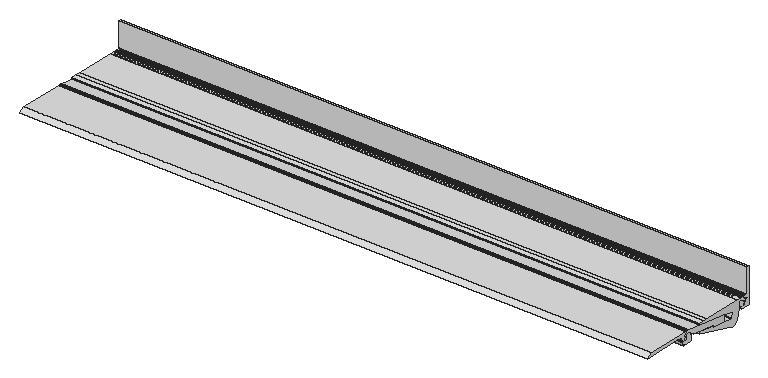
Revit family "Construction-Floors-Conecto-Aluminium Joints ALU AL.130.21", category Specialty Equipment, Revit 2015 (continued)
Definition of nested family "Rubber"
  Forms (mm)
    Extrusion 1, solid, material <- "PVC Material"
      sketch origin (0, 168.872, 4.734) x (0, 1, 0) y (0, 0, 1)
        loop
          line (-135.804, -19.63) -> (-134.745, -19.806) -> (-133.687, -19.865) -> (-132.687, -19.806) -> (-131.629, -19.63) -> (-130.688, -19.277) -> (-129.747, -18.806) -> (-128.865, -18.218) -> (-128.101, -17.572) -> (-127.336, -16.748) -> (-126.807, -15.925) -> (-126.337, -14.925) -> (-125.984, -13.926) -> (-120.573, 6.278) -> (-120.331, 7.112) -> (-119.958, 7.844) -> (-119.456, 8.451) -> (-118.86, 9.008) -> (-118.113, 9.422) -> (-117.365, 9.679) -> (-116.562, 9.806) -> (-115.754, 9.764) -> (-114.889, 9.499) -> (-114.156, 9.142) -> (-113.532, 8.646) -> (-112.99, 8.065) -> (-112.542, 7.223) -> (-112.224, 6.243) -> (-112.224, 5.217) -> (-112.535, 4.362) -> (-112.535, 3.549) -> (-112.168, 2.833) -> (-111.342, 2.833) -> (-109.343, 3.127) -> (-108.647, 3.483) -> (-108.461, 4.538) -> (-108.402, 5.597) -> (-108.461, 6.655) -> (-108.696, 7.714) -> (-109.049, 8.654) -> (-109.519, 9.595) -> (-110.048, 10.477) -> (-110.754, 11.3) -> (-111.518, 11.947) -> (-112.4, 12.535) -> (-113.341, 13.006) -> (-114.341, 13.3) -> (-115.399, 13.535) -> (-116.399, 13.594) -> (-122.573, 13.594) -> (-184.963, 13.594) -> (-191.607, 13.594) -> (-199.813, 12.767) -> (-200.012, 11.357) -> (-134.655, 2.172) -> (-133.749, 1.828) -> (-133.452, 1.01) -> (-134.628, -7.458) -> (-135.114, -8.152) -> (-136.155, -8.231) -> (-198.536, 0.545) -> (-199.103, -1.431) -> (-135.921, -19.571)
      from 0 to 1000
    Extrusion 2, solid, material <- "PVC Material"
      sketch origin (0, 168.872, 4.734) x (0, 1, 0) y (0, 0, 1)
        loop
          line (-151.919, -5.637) -> (-150.599, 4.306) -> (-153.096, 4.637) -> (-153.18, 3.792) -> (-152.832, 3.044) -> (-153.326, 2.339) -> (-154.083, 2.127) -> (-155.148, 2.234) -> (-155.867, 2.606) -> (-156.209, 3.34) -> (-155.858, 4.092) -> (-155.481, 4.901) -> (-220.765, 13.535) -> (-221.823, 13.594) -> (-222.882, 13.535) -> (-223.881, 13.3) -> (-224.881, 13.006) -> (-225.881, 12.535) -> (-226.704, 11.947) -> (-227.527, 11.3) -> (-228.174, 10.477) -> (-228.762, 9.595) -> (-229.232, 8.654) -> (-229.585, 7.714) -> (-229.762, 6.655) -> (-229.82, 5.597) -> (-229.69, 3.244) -> (-228.821, 3.127) -> (-226.702, 2.742) -> (-225.893, 2.958) -> (-225.688, 3.777) -> (-225.998, 4.933) -> (-225.998, 6.149) -> (-225.831, 6.936) -> (-225.491, 7.699) -> (-224.805, 8.573) -> (-223.846, 9.295) -> (-222.887, 9.664) -> (-221.825, 9.813) -> (-220.683, 9.632) -> (-219.765, 9.242) -> (-211.662, 4.681) -> (-171.809, -0.566) -> (-171.505, -1.401) -> (-171.764, -3.003) -> (-151.919, -5.637)
      from 0 to 1000
  Dimensions and locks
    "Length": plane 3 "Center (Left/Right)" to plane 4
    aligned and locked: level to plane 2
    aligned and locked: Extrusion 1 to plane 4
    aligned and locked: Extrusion 2 to plane 4
  Automatic sketch dimensions
    level to Extrusion 1 sketch curve = 16.091 mm
    plane 1 "Center (Front/Back)" to Extrusion 1 sketch curve = 31.14 mm
    level to Extrusion 1 sketch curve = 17.501 mm
    Extrusion 1 sketch curve to Extrusion 1 sketch curve = 0.198 mm
    Extrusion 1 sketch curve to Extrusion 1 sketch curve = 8.206 mm
    Extrusion 1 sketch curve to Extrusion 1 sketch curve = 6.645 mm
    Extrusion 1 sketch curve to level = 3.497 mm
    Extrusion 1 sketch curve to level = 3.418 mm
    Extrusion 1 sketch curve to Extrusion 1 sketch curve = 1.041 mm
    Extrusion 1 sketch curve to level = 15.072 mm  (x2)
    Extrusion 1 sketch curve to Extrusion 1 sketch curve = 0.368 mm
    level to Extrusion 1 sketch curve = 6.907 mm
    Extrusion 1 sketch curve to level = 2.723 mm
    Extrusion 1 sketch curve to Extrusion 1 sketch curve = 0.486 mm
    level to Extrusion 1 sketch curve = 6.562 mm
    Extrusion 1 sketch curve to Extrusion 1 sketch curve = 0.906 mm
    Extrusion 1 sketch curve to level = 15.131 mm
    Extrusion 1 sketch curve to Extrusion 1 sketch curve = 1.058 mm  (x3)
    level to Extrusion 1 sketch curve = 5.744 mm
    Extrusion 1 sketch curve to Extrusion 1 sketch curve = 0.298 mm
    Extrusion 1 sketch curve to Extrusion 1 sketch curve = 1 mm  (x3)
    Extrusion 1 sketch curve to level = 14.895 mm  (x2)
    Extrusion 1 sketch curve to level = 14.543 mm
    Extrusion 1 sketch curve to Extrusion 1 sketch curve = 0.941 mm  (x3)
    Extrusion 1 sketch curve to level = 14.072 mm
    Extrusion 1 sketch curve to level = 13.484 mm
    Extrusion 1 sketch curve to Extrusion 1 sketch curve = 0.882 mm  (x2)
    Extrusion 1 sketch curve to level = 12.837 mm
    Extrusion 1 sketch curve to Extrusion 1 sketch curve = 0.764 mm  (x3)
    Extrusion 1 sketch curve to level = 12.014 mm
    Extrusion 1 sketch curve to level = 11.191 mm
    Extrusion 1 sketch curve to Extrusion 1 sketch curve = 0.529 mm  (x2)
    Extrusion 1 sketch curve to level = 10.191 mm
    Extrusion 1 sketch curve to Extrusion 1 sketch curve = 0.47 mm  (x2)
    Extrusion 1 sketch curve to level = 9.192 mm
    Extrusion 1 sketch curve to Extrusion 1 sketch curve = 0.353 mm  (x2)
    Extrusion 1 sketch curve to Extrusion 1 sketch curve = 11.176 mm
    level to Extrusion 1 sketch curve = 11.012 mm
    Extrusion 1 sketch curve to Extrusion 1 sketch curve = 2 mm
    level to Extrusion 1 sketch curve = 11.846 mm
    Extrusion 1 sketch curve to Extrusion 1 sketch curve = 0.242 mm
    level to Extrusion 1 sketch curve = 12.578 mm
    Extrusion 1 sketch curve to Extrusion 1 sketch curve = 0.373 mm
    level to Extrusion 1 sketch curve = 13.186 mm
    Extrusion 1 sketch curve to Extrusion 1 sketch curve = 0.502 mm
    level to Extrusion 1 sketch curve = 13.742 mm
    Extrusion 1 sketch curve to Extrusion 1 sketch curve = 0.596 mm
    level to Extrusion 1 sketch curve = 14.156 mm
    Extrusion 1 sketch curve to Extrusion 1 sketch curve = 0.747 mm  (x2)
    level to Extrusion 1 sketch curve = 14.413 mm
    level to Extrusion 1 sketch curve = 14.541 mm
    Extrusion 1 sketch curve to Extrusion 1 sketch curve = 0.804 mm
    Extrusion 1 sketch curve to Extrusion 1 sketch curve = 0.163 mm
    level to Extrusion 1 sketch curve = 14.498 mm
    Extrusion 1 sketch curve to Extrusion 1 sketch curve = 0.807 mm
    level to Extrusion 1 sketch curve = 18.269 mm
    level to Extrusion 1 sketch curve = 14.234 mm
    Extrusion 1 sketch curve to Extrusion 1 sketch curve = 0.865 mm
    level to Extrusion 1 sketch curve = 18.034 mm
    level to Extrusion 1 sketch curve = 13.876 mm
    Extrusion 1 sketch curve to Extrusion 1 sketch curve = 0.733 mm
    level to Extrusion 1 sketch curve = 13.38 mm
    Extrusion 1 sketch curve to Extrusion 1 sketch curve = 0.625 mm
    level to Extrusion 1 sketch curve = 17.74 mm
    level to Extrusion 1 sketch curve = 12.799 mm
    Extrusion 1 sketch curve to Extrusion 1 sketch curve = 0.541 mm
    level to Extrusion 1 sketch curve = 11.957 mm
    Extrusion 1 sketch curve to Extrusion 1 sketch curve = 0.448 mm
    level to Extrusion 1 sketch curve = 8.283 mm
    Extrusion 1 sketch curve to Extrusion 1 sketch curve = 0.007 mm
    level to Extrusion 1 sketch curve = 17.269 mm
    Extrusion 1 sketch curve to Extrusion 1 sketch curve = 0.318 mm
    Extrusion 1 sketch curve to Extrusion 1 sketch curve = 0.367 mm
    level to Extrusion 1 sketch curve = 16.681 mm
    level to Extrusion 1 sketch curve = 7.567 mm
    Extrusion 1 sketch curve to Extrusion 1 sketch curve = 0.826 mm
    level to Extrusion 1 sketch curve = 16.035 mm
    level to Extrusion 1 sketch curve = 15.211 mm
    Extrusion 1 sketch curve to Extrusion 1 sketch curve = 0.706 mm
    level to Extrusion 1 sketch curve = 14.329 mm
    level to Extrusion 1 sketch curve = 7.861 mm
    Extrusion 1 sketch curve to Extrusion 1 sketch curve = 1.999 mm
    level to Extrusion 1 sketch curve = 13.389 mm
    level to Extrusion 1 sketch curve = 12.448 mm
    level to Extrusion 1 sketch curve = 8.218 mm
    Extrusion 1 sketch curve to Extrusion 1 sketch curve = 0.696 mm
    level to Extrusion 1 sketch curve = 11.389 mm
    Extrusion 1 sketch curve to Extrusion 1 sketch curve = 0.235 mm
    level to Extrusion 1 sketch curve = 9.272 mm
    Extrusion 1 sketch curve to Extrusion 1 sketch curve = 0.186 mm
    level to Extrusion 1 sketch curve = 10.331 mm
    Extrusion 1 sketch curve to Extrusion 1 sketch curve = 0.059 mm  (x2)
    Extrusion 1 sketch curve to Extrusion 1 sketch curve = 0.814 mm
    Extrusion 1 sketch curve to Extrusion 1 sketch curve = 0.854 mm
    Extrusion 1 sketch curve to Extrusion 1 sketch curve = 1.027 mm
    Extrusion 1 sketch curve to Extrusion 1 sketch curve = 0.909 mm
    level to Extrusion 1 sketch curve = 3.303 mm
    level to Extrusion 1 sketch curve = 5.279 mm
    Extrusion 1 sketch curve to Extrusion 1 sketch curve = 0.567 mm
    Extrusion 1 sketch curve to level = 14.837 mm
    Extrusion 1 sketch curve to Extrusion 1 sketch curve = 1.176 mm
    Extrusion 1 sketch curve to Extrusion 1 sketch curve = 0.118 mm
    level to Extrusion 2 sketch curve = 10.331 mm
    plane 1 "Center (Front/Back)" to Extrusion 2 sketch curve = 60.948 mm
    level to Extrusion 2 sketch curve = 11.389 mm
    Extrusion 2 sketch curve to Extrusion 2 sketch curve = 0.059 mm
    level to Extrusion 2 sketch curve = 12.448 mm
    Extrusion 2 sketch curve to Extrusion 2 sketch curve = 0.176 mm
    level to Extrusion 2 sketch curve = 13.389 mm
    Extrusion 2 sketch curve to Extrusion 2 sketch curve = 0.353 mm
    level to Extrusion 2 sketch curve = 14.329 mm
    Extrusion 2 sketch curve to Extrusion 2 sketch curve = 0.47 mm
    level to Extrusion 2 sketch curve = 15.211 mm
    Extrusion 2 sketch curve to Extrusion 2 sketch curve = 0.588 mm
    level to Extrusion 2 sketch curve = 16.035 mm
    Extrusion 2 sketch curve to Extrusion 2 sketch curve = 0.647 mm
    level to Extrusion 2 sketch curve = 16.681 mm
    Extrusion 2 sketch curve to Extrusion 2 sketch curve = 0.823 mm  (x2)
    level to Extrusion 2 sketch curve = 7.476 mm
    Extrusion 2 sketch curve to Extrusion 2 sketch curve = 3.119 mm
    level to Extrusion 2 sketch curve = 9.667 mm
    Extrusion 2 sketch curve to Extrusion 2 sketch curve = 0.703 mm
    level to Extrusion 2 sketch curve = 7.693 mm
    Extrusion 2 sketch curve to Extrusion 2 sketch curve = 0.809 mm
    level to Extrusion 2 sketch curve = 17.269 mm
    level to Extrusion 2 sketch curve = 11.67 mm
    Extrusion 2 sketch curve to Extrusion 2 sketch curve = 0.167 mm
    level to Extrusion 2 sketch curve = 8.511 mm
    Extrusion 2 sketch curve to Extrusion 2 sketch curve = 0.204 mm
    level to Extrusion 2 sketch curve = 12.433 mm
    Extrusion 2 sketch curve to Extrusion 2 sketch curve = 0.339 mm
    level to Extrusion 2 sketch curve = 17.74 mm
    Extrusion 2 sketch curve to Extrusion 2 sketch curve = 1 mm  (x3)
    level to Extrusion 2 sketch curve = 13.307 mm
    Extrusion 2 sketch curve to Extrusion 2 sketch curve = 0.687 mm
    level to Extrusion 2 sketch curve = 18.034 mm
    level to Extrusion 2 sketch curve = 14.029 mm
    Extrusion 2 sketch curve to Extrusion 2 sketch curve = 0.959 mm  (x2)
    level to Extrusion 2 sketch curve = 14.398 mm
    level to Extrusion 2 sketch curve = 18.269 mm  (x2)
    level to Extrusion 2 sketch curve = 14.547 mm
    Extrusion 2 sketch curve to Extrusion 2 sketch curve = 1.062 mm
    level to Extrusion 2 sketch curve = 18.328 mm
    Extrusion 2 sketch curve to Extrusion 2 sketch curve = 1.058 mm  (x2)
    level to Extrusion 2 sketch curve = 14.366 mm
    Extrusion 2 sketch curve to Extrusion 2 sketch curve = 1.142 mm
    level to Extrusion 2 sketch curve = 13.977 mm
    Extrusion 2 sketch curve to Extrusion 2 sketch curve = 0.917 mm
    level to Extrusion 2 sketch curve = 9.415 mm
    Extrusion 2 sketch curve to Extrusion 2 sketch curve = 8.103 mm
    level to Extrusion 2 sketch curve = 4.168 mm
    Extrusion 2 sketch curve to Extrusion 2 sketch curve = 39.852 mm
    level to Extrusion 2 sketch curve = 1.731 mm
    Extrusion 2 sketch curve to Extrusion 2 sketch curve = 0.046 mm
    level to Extrusion 2 sketch curve = 3.333 mm
    Extrusion 2 sketch curve to Extrusion 2 sketch curve = 0.304 mm
    level to Extrusion 2 sketch curve = 8.074 mm
    Extrusion 2 sketch curve to Extrusion 2 sketch curve = 15.296 mm
    level to Extrusion 2 sketch curve = 7.34 mm
    Extrusion 2 sketch curve to Extrusion 2 sketch curve = 0.342 mm
    level to Extrusion 2 sketch curve = 8.826 mm
    Extrusion 2 sketch curve to Extrusion 2 sketch curve = 0.351 mm
    level to Extrusion 2 sketch curve = 9.636 mm
    Extrusion 2 sketch curve to Extrusion 2 sketch curve = 0.377 mm
    level to Extrusion 2 sketch curve = 6.968 mm
    Extrusion 2 sketch curve to Extrusion 2 sketch curve = 0.719 mm
    level to Extrusion 2 sketch curve = 6.861 mm
    Extrusion 2 sketch curve to Extrusion 2 sketch curve = 1.065 mm
    level to Extrusion 2 sketch curve = 7.073 mm
    Extrusion 2 sketch curve to Extrusion 2 sketch curve = 0.757 mm
    level to Extrusion 2 sketch curve = 8.526 mm
    Extrusion 2 sketch curve to Extrusion 2 sketch curve = 0.145 mm
    level to Extrusion 2 sketch curve = 9.371 mm
    Extrusion 2 sketch curve to Extrusion 2 sketch curve = 0.084 mm
    level to Extrusion 2 sketch curve = 7.778 mm
    Extrusion 2 sketch curve to Extrusion 2 sketch curve = 0.349 mm
    Extrusion 2 sketch curve to level = 0.903 mm
    Extrusion 2 sketch curve to Extrusion 2 sketch curve = 2.164 mm
    level to Extrusion 2 sketch curve = 9.04 mm
    Extrusion 2 sketch curve to Extrusion 2 sketch curve = 0.787 mm
    Extrusion 2 sketch curve to Extrusion 2 sketch curve = 0.131 mm
    level to Extrusion 2 sketch curve = 7.978 mm
    level to Extrusion 2 sketch curve = 7.861 mm
    Extrusion 2 sketch curve to Extrusion 2 sketch curve = 0.869 mm
Types (20, lengths in mm): name | Rubber Level | N CV | N | 97 CV | 97 | .87 CV | .87 | .77 CV | .77 | .62 | .52 | 42 CV | 42 | .30 CV | .30 | .22 | .15 CV | .15 | #CONST_.20-70
  Aluminium Joints ALU AL.130.21.22 CV | 0 | no | yes | no | no | no | no | no | no | no | no | no | no | no | no | no | no | no | 30
  Aluminium Joints ALU AL.130.21.42 CV | 0 | no | no | no | no | no | no | no | no | no | no | yes | no | no | no | no | no | no | 30
  Aluminium Joints ALU AL.130.21.87 CV | 0 | no | no | no | no | yes | no | no | no | no | no | no | no | no | no | no | no | no | 50
  Aluminium Joints ALU AL.130.21.15 | 0 | no | no | no | no | no | no | no | no | no | no | no | no | no | no | no | no | yes | 60
  Aluminium Joints ALU AL.130.21.52 | 0 | no | no | no | no | no | no | no | no | no | yes | no | no | no | no | no | no | no | 70
  Aluminium Joints ALU AL.130.21.62 CV | 0 | no | yes | no | no | no | no | no | no | no | no | no | no | no | no | no | no | no | 70
  Aluminium Joints ALU AL.130.21.30 | 0 | no | no | no | no | no | no | no | no | no | no | no | no | no | yes | no | no | no | 70
  Aluminium Joints ALU AL.130.21.62 | 0 | no | no | no | no | no | no | no | no | yes | no | no | no | no | no | no | no | no | 50
  Aluminium Joints ALU AL.130.21.87 | 0 | no | no | no | no | no | yes | no | no | no | no | no | no | no | no | no | no | no | 70
  Aluminium Joints ALU AL.130.21 N CV | 4.5 | yes | no | no | no | no | no | no | no | no | no | no | no | no | no | no | no | no | 70
  Aluminium Joints ALU AL.130.21.77 | 0 | no | no | no | no | no | no | no | yes | no | no | no | no | no | no | no | no | no | 70
  Aluminium Joints ALU AL.130.21 N | 4.5 | no | yes | no | no | no | no | no | no | no | no | no | no | no | no | no | no | no | 70
  Aluminium Joints ALU AL.130.21.77 CV | 0 | no | no | no | no | no | no | yes | no | no | no | no | no | no | no | no | no | no | 70
  Aluminium Joints ALU AL.130.21.97 | 0 | no | no | no | yes | no | no | no | no | no | no | no | no | no | no | no | no | no | 70
  Aluminium Joints ALU AL.130.21.15 CV | 0 | no | no | no | no | no | no | no | no | no | no | no | no | no | no | no | yes | no | 70
  Aluminium Joints ALU AL.130.21.30 CV | 0 | no | no | no | no | no | no | no | no | no | no | no | no | yes | no | no | no | no | 20
  Aluminium Joints ALU AL.130.21.52 CV | 0 | no | yes | no | no | no | no | no | no | no | no | no | no | no | no | no | no | no | 30
  Aluminium Joints ALU AL.130.21.97 CV | 0 | no | no | yes | no | no | no | no | no | no | no | no | no | no | no | no | no | no | 50
  Aluminium Joints ALU AL.130.21.22 | 0 | no | no | no | no | no | no | no | no | no | no | no | no | no | no | yes | no | no | 60
  Aluminium Joints ALU AL.130.21.42 | 0 | no | no | no | no | no | no | no | no | no | no | no | yes | no | no | no | no | no | 70
